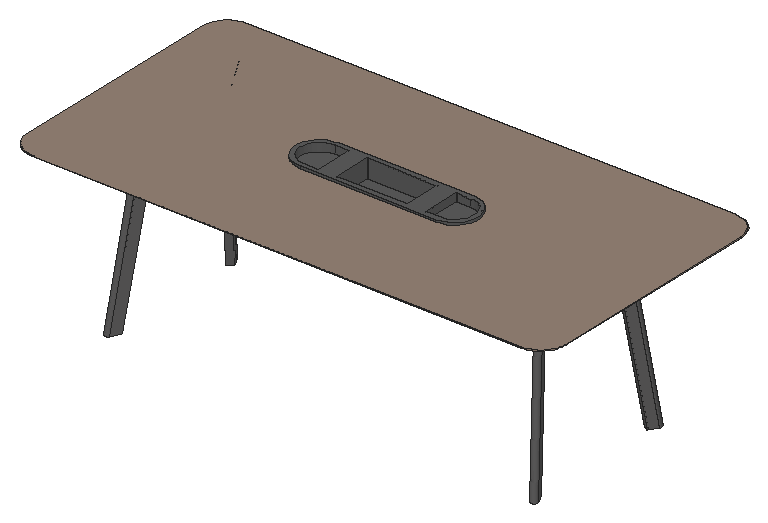
Revit family "Haworth_Immerse_SingleTable_RectangleOnePieceTop_120w", category Furniture Systems, Revit 2018
Family settings
  Round Connector Dimension = Use Diameter
  Part Type = Normal
  OmniClass Number = 23.40.70.14.64.21
  OmniClass Title = Systems Furniture
  Work Plane-Based = No
  Always vertical = Yes
  Cut with Voids When Loaded = No
  Shared = No
  Room Calculation Point = No
Parameters (values of type "60d 120w 39h - Oblong Planter")
  Warranty = "http://www.haworth.com/resources/product-info/warranties"
  Upper Top Thickness = 1 3/16"  # constant formula
  Understucture Thickness = 3 1/2"  # constant formula
  Understructure Overall Width = 81"  # constant formula
  Understructure Finish [instance] = Haworth _ Paint _ Black
  URL - Product = "http://www.haworth.com/products/tables/collaborative/immerse"
  Top Finish [instance] = Haworth _ Wood _ Walnut
  Standard Widths = "96, 120 in."  # constant formula
  Standard Heights = "29, 36, 39 in."  # constant formula
  Standard Depths = "48, 60 in."  # constant formula
  Size = "Verify Final Dim. w/ Haworth"  # constant formula
  Planter Finish [instance] = Haworth _ Paint _ Black
  Oblong Planter Void Height = if(Oblong Planter, 36", 1")  # 36"
  Oblong Planter = yes
  Model = "THRA-60C0"
  URL = "https://www.haworth.com/na/en.html"
  Revision Number = "1"  # constant formula
  Manufacturer = "Haworth"  # constant formula
  Lower Top Width = Actual Width - 2"  # 118"
  Lower Top Thickness = 1/8"  # constant formula
  Lower Top Cutout Width = Understructure Overall Width - 3"  # 78"
  Lower Top Cutout Depth = 12 1/2"  # constant formula
  Leg Finish [instance] = Haworth _ Wood _ Ink On Ash
  Description = "Haworth Immerse Single Table Rectangle One Piece Top - 60d 120w 39h - Oblong Planter"
  Author = "Haworth (Bentzen)"  # constant formula
  Assembly Code = "E2020200"
  Actual Width = 120"  # constant formula
  Actual Height = 39"
  Actual Depth = 60"  # constant formula
Types (3): name | Description | Actual Height
  60d 120w 39h - Oblong Planter | "Haworth Immerse Single Table Rectangle One Piece Top - 60d 120w 39h - Oblong Planter" | 39"
  60d 120w 36h - Oblong Planter | "Haworth Immerse Single Table Rectangle One Piece Top - 60d 120w 36h - Oblong Planter" | 36"
  60d 120w 29h - Oblong Planter | "Haworth Immerse Single Table Rectangle One Piece Top - 60d 120w 29h - Oblong Planter" | 29"
Reference planes (in)
  plane 1 "Floor": z = 0
  plane 2: z = 39
  plane 3: z = 38.89592
  plane 4: z = 38.07621
  plane 5: x = -78.26441
  plane 6: x = 41.73559
  plane 7: x = -18.26353
  plane 8: x = -76.26617
  plane 9: x = 39.73559
  plane 10: y = 63.42835
  plane 11: y = 92.63539
  plane 12: y = 32.63431
  plane 13: y = 90.63539
  plane 14: y = 34.63431
  plane 15: x = -61.604
  plane 16: x = 24.5505
  plane 17: x = -62.94976
  plane 18: x = 26.41918
  plane 19: x = -60.20493
  plane 20: x = 23.67788
  plane 21: y = 71.82796
  plane 22: y = 55.02875
  plane 23: y = 72.31635
  plane 24: y = 74.67835
  plane 25: y = 52.95334
  plane 26: y = 50.59134
  plane 27: y = 66.90425
  plane 28: y = 56.77843
  plane 29: through (-62.27517, 53.34084, 48) normal (0.866, -0.5, 0)
  plane 30: through (-62.27517, 53.34084, 48) normal (0.5, 0.866, 0)
  plane 31: through (-60.93283, 52.56584, 48) normal (0.866, -0.5, 0)
  plane 32: through (-66.35241, 44.72886, 48) normal (-0.866, 0.5, 0)
  plane 33: x = -61.604
  plane 34: y = 52.95334
  plane 35: through (25.22167, 71.92885, 48) normal (-0.866, 0.5, 0)
  plane 36: through (25.22167, 71.92885, 48) normal (-0.5, -0.866, 0)
  plane 37: through (23.87933, 72.70385, 48) normal (-0.866, 0.5, 0)
  plane 38: through (29.29891, 80.54084, 48) normal (0.866, -0.5, 0)
  plane 39: x = 24.5505
  plane 40: y = 72.31635
  plane 41: through (25.22167, 53.34084, 48) normal (0.866, 0.5, 0)
  plane 42: through (25.22167, 53.34084, 48) normal (0.5, -0.866, 0)
  plane 43: through (23.87933, 52.56584, 48) normal (0.866, 0.5, 0)
  plane 44: through (29.29891, 44.72886, 48) normal (-0.866, -0.5, 0)
  plane 45: x = 24.5505
  plane 46: y = 52.95334
  plane 47: through (27.11404, 46.94617, 48) normal (-0.5, 0.866, 0)
  plane 48: through (26.93853, 44.26029, 48) normal (-0.5, 0.866, 0)
  plane 49: z = 35.32621
  plane 50: through (-62.27517, 71.92885, 48) normal (-0.866, -0.5, 0)
  plane 51: through (-62.27517, 71.92885, 48) normal (-0.5, 0.866, 0)
  plane 52: through (-60.93283, 72.70385, 48) normal (-0.866, -0.5, 0)
  plane 53: through (-66.35241, 80.54084, 48) normal (0.866, 0.5, 0)
  plane 54: x = -61.604
  plane 55: y = 72.31635
  plane 56: through (27.11404, 78.32353, 48) normal (0.5, 0.866, 0)
  plane 57: through (26.93853, 81.0094, 48) normal (0.5, 0.866, 0)
  plane 58: through (-64.16754, 78.32353, 48) normal (0.5, -0.866, 0)
  plane 59: through (-63.99203, 81.0094, 48) normal (0.5, -0.866, 0)
  plane 60: through (-64.16754, 46.94617, 48) normal (-0.5, -0.866, 0)
  plane 61: through (-63.99203, 44.26029, 48) normal (-0.5, -0.866, 0)
Forms (in)
  Extrusion 1, solid, material "Haworth _ Paint _ Black" <- "Understructure Finish"
    sketch origin (-47.92254, 131.41995, 1.06449) x (0, 1, 0) y (0, 0, 1)
      loop
        line (-56.74159, 37.01172) -> (-59.10359, 37.01172) -> (-59.10359, 34.26172) -> (-56.74159, 34.26172) -> (-56.74159, 37.01172)
    from -13.68146 to 72.47304
  Extrusion 2, solid, material "Haworth _ Paint _ Black" <- "Understructure Finish"
    sketch origin (-47.92254, -93.73727, 1.06449) x (0, -1, 0) y (0, 0, -1)
      loop
        line (-144.32861, -37.01172) -> (-144.32861, -34.26172) -> (-146.69061, -34.26172) -> (-146.69061, -37.01172) -> (-144.32861, -37.01172)
    from -13.68146 to 72.47304
  Extrusion 3, void
    sketch origin (38.61594, 57.93122, 0) x (-1, 0, 0) y (0, -1, 0)
      loop
        arc (41.58596, -0.57463) -> (36.56422, -5.59637) -> (41.58596, -10.61811) r 5.02174
        line (41.58596, -10.61811) -> (72.08226, -10.61811)
        arc (72.08226, -10.61811) -> (77.104, -5.59637) -> (72.08226, -0.57463) r 5.02174
        line (72.08226, -0.57463) -> (41.58596, -0.57463)
    from 5.69672 to 41.69672
  Extrusion 4, solid, material "Haworth _ Paint _ Black" <- "Understructure Finish"
    sketch origin (-37.14123, -120.2412, 11.98828) x (0, -1, 0) y (0, 0, -1)
      loop
        line (-170.83254, -26.08793) -> (-170.83254, -23.33793) -> (-194.91955, -23.33793) -> (-194.91955, -26.08793) -> (-170.83254, -26.08793)
    from 61.69173 to 63.56041
  Extrusion 5, solid, material "Haworth _ Paint _ Black" <- "Understructure Finish"
    sketch origin (-124.28941, -120.2412, 7.77448) x (0, -1, 0) y (0, 0, -1)
      loop
        line (-170.83254, -30.30173) -> (-170.83254, -27.55173) -> (-194.91955, -27.55173) -> (-194.91955, -30.30173) -> (-170.83254, -30.30173)
    from 61.33965 to 62.68541
  Extrusion 6, solid, material "Haworth _ Wood _ Walnut" <- "Top Finish"
    sketch origin (0, 0, 0) x (1, 0, 0) y (0, 1, 0)
      loop
        arc (-72.7193, 92.63539) -> (-76.64028, 91.01126) -> (-78.26441, 87.09027) r 5.54512
        line (-78.26441, 87.09027) -> (-78.26441, 38.17942)
        arc (-78.26441, 38.17942) -> (-76.64028, 34.25844) -> (-72.7193, 32.63431) r 5.54512
        line (-72.7193, 32.63431) -> (36.18871, 32.63431)
        arc (36.18871, 32.63431) -> (40.11095, 34.25895) -> (41.73559, 38.18118) r 5.54688
        line (41.73559, 38.18118) -> (41.73559, 86.63539)
        arc (41.73559, 86.63539) -> (39.97823, 90.87803) -> (35.73559, 92.63539) r 6
        line (35.73559, 92.63539) -> (-72.7193, 92.63539)
    from 38.89592 to 39
  Blend 7, solid, material "Haworth _ Wood _ Walnut" <- "Top Finish"
    base sketch origin (0, 0, 0) x (1, 0, 0) y (0, 1, 0)
      loop
        arc (-72.26617, 90.63539) -> (-75.0946, 89.46381) -> (-76.26617, 86.63539) r 4
        line (-76.26617, 86.63539) -> (-76.26617, 38.63431)
        arc (-76.26617, 38.63431) -> (-75.0946, 35.80588) -> (-72.26617, 34.63431) r 4
        line (-72.26617, 34.63431) -> (35.73559, 34.63431)
        arc (35.73559, 34.63431) -> (38.56402, 35.80588) -> (39.73559, 38.63431) r 4
        line (39.73559, 38.63431) -> (39.73559, 86.63539)
        arc (39.73559, 86.63539) -> (38.56402, 89.46381) -> (35.73559, 90.63539) r 4
        line (35.73559, 90.63539) -> (-72.26617, 90.63539)
    top sketch origin (0, 0, 0) x (1, 0, 0) y (0, 1, 0)
      loop
        arc (-72.7193, 92.63539) -> (-76.64028, 91.01126) -> (-78.26441, 87.09027) r 5.54512
        line (-78.26441, 87.09027) -> (-78.26441, 38.17942)
        arc (-78.26441, 38.17942) -> (-76.64028, 34.25844) -> (-72.7193, 32.63431) r 5.54512
        line (-72.7193, 32.63431) -> (36.18871, 32.63431)
        arc (36.18871, 32.63431) -> (40.11095, 34.25895) -> (41.73559, 38.18118) r 5.54688
        line (41.73559, 38.18118) -> (41.73559, 87.08851)
        arc (41.73559, 87.08851) -> (40.11095, 91.01074) -> (36.18871, 92.63539) r 5.54688
        line (36.18871, 92.63539) -> (-72.7193, 92.63539)
    from 38.07621 to 38.89592
  Blend 8, solid, material "Haworth _ Wood _ Ink On Ash" <- "Leg Finish"
    base sketch origin (64.30477, 508.30857, -1.1049) x (-0.258819, -0.965926, 0) y (0.965926, -0.258819, 0)
      loop
        line (455.22063, 83.53279) -> (456.79376, 85.10591)
        arc (456.79376, 85.10591) -> (456.79376, 86.20192) -> (455.69774, 86.20192) r 0.775
        line (455.69774, 86.20192) -> (454.12462, 84.6288) -> (455.22063, 83.53279)
    top sketch origin (64.30477, 508.30857, -1.1049) x (-0.258819, -0.965926, 0) y (0.965926, -0.258819, 0)
      loop
        line (450.67644, 78.90703) -> (452.43019, 80.66078)
        arc (452.43019, 80.66078) -> (452.43019, 81.7568) -> (451.33418, 81.7568) r 0.775
        line (451.33418, 81.7568) -> (449.58042, 80.00304) -> (450.67644, 78.90703)
    from 1.1049 to 39.18111
  Blend 9, solid, material "Haworth _ Wood _ Ink On Ash" <- "Leg Finish"
    base sketch origin (64.30477, -383.03887, -1.1049) x (-0.258819, 0.965926, 0) y (-0.965926, -0.258819, 0)
      loop
        line (455.26152, -83.4919) -> (454.16551, -84.58792) -> (455.73863, -86.16104)
        arc (455.73863, -86.16104) -> (456.83464, -86.16104) -> (456.83464, -85.06502) r 0.775
        line (456.83464, -85.06502) -> (455.26152, -83.4919)
    top sketch origin (64.30477, -383.03887, -1.1049) x (-0.258819, 0.965926, 0) y (-0.965926, -0.258819, 0)
      loop
        line (450.67654, -78.90692) -> (449.58053, -80.00294) -> (451.33428, -81.75669)
        arc (451.33428, -81.75669) -> (452.4303, -81.75669) -> (452.4303, -80.66068) r 0.775
        line (452.4303, -80.66068) -> (450.67654, -78.90692)
    from 1.1049 to 39.18111
  Blend 10, solid, material "Haworth _ Wood _ Ink On Ash" <- "Leg Finish"
    base sketch origin (-101.35827, -383.03887, -1.1049) x (0.258819, 0.965926, 0) y (-0.965926, 0.258819, 0)
      loop
        line (455.26152, 83.4919) -> (456.83464, 85.06502)
        arc (456.83464, 85.06502) -> (456.83464, 86.16104) -> (455.73863, 86.16104) r 0.775
        line (455.73863, 86.16104) -> (454.16551, 84.58792) -> (455.26152, 83.4919)
    top sketch origin (-101.35827, -383.03887, -1.1049) x (0.258819, 0.965926, 0) y (-0.965926, 0.258819, 0)
      loop
        line (450.67654, 78.90692) -> (452.4303, 80.66068)
        arc (452.4303, 80.66068) -> (452.4303, 81.75669) -> (451.33428, 81.75669) r 0.775
        line (451.33428, 81.75669) -> (449.58053, 80.00294) -> (450.67654, 78.90692)
    from 1.1049 to 39.18111
  Blend 11, solid, material "Haworth _ Wood _ Ink On Ash" <- "Leg Finish"
    base sketch origin (-101.35827, 508.30857, -1.1049) x (0.258819, -0.965926, 0) y (0.965926, 0.258819, 0)
      loop
        line (455.26152, -83.4919) -> (454.16551, -84.58792) -> (455.73863, -86.16104)
        arc (455.73863, -86.16104) -> (456.83464, -86.16104) -> (456.83464, -85.06502) r 0.775
        line (456.83464, -85.06502) -> (455.26152, -83.4919)
    top sketch origin (-101.35827, 508.30857, -1.1049) x (0.258819, -0.965926, 0) y (0.965926, 0.258819, 0)
      loop
        line (450.67654, -78.90692) -> (449.58053, -80.00294) -> (451.33428, -81.75669)
        arc (451.33428, -81.75669) -> (452.4303, -81.75669) -> (452.4303, -80.66068) r 0.775
        line (452.4303, -80.66068) -> (450.67654, -78.90692)
    from 1.1049 to 39.18111
Cuts and joins
  Extrusion 3 cuts Extrusion 6
  Extrusion 3 cuts Blend 7
Lines and regions (in)
  Masking region 1
    outline origin (-204.57705, 125.58908, 0) x (1, 0, 0) y (0, 1, 0)
      loop
        arc (132.31088, -32.95369) -> (128.06948, -34.71054) -> (126.31264, -38.95193) r 5.99824
        line (126.31264, -38.95193) -> (126.31264, -86.95653)
        arc (126.31264, -86.95653) -> (128.06948, -91.19792) -> (132.31088, -92.95477) r 5.99824
        line (132.31088, -92.95477) -> (240.31264, -92.95477)
        arc (240.31264, -92.95477) -> (244.55528, -91.19741) -> (246.31264, -86.95477) r 6
        line (246.31264, -86.95477) -> (246.31264, -38.95369)
        arc (246.31264, -38.95369) -> (244.55528, -34.71105) -> (240.31264, -32.95369) r 6
        line (240.31264, -32.95369) -> (132.31088, -32.95369)
  symbolic lines, style "Haworth Hidden", detail levels fine
    curve 1: line (-61.81301, 74.67835, 0) -> (-66.55054, 82.884, 0)
    curve 2: arc (-66.55054, 82.884, 0) -> (-67.91683, 83.25464, 0) -> (-68.28465, 81.88758, 0) r 1
    curve 3: line (-68.28465, 81.88758, 0) -> (-62.94976, 72.64728, 0)
    curve 4: line (-62.94976, 72.64728, 0) -> (-62.94976, 52.62242, 0)
    curve 5: line (-68.28465, 43.38212, 0) -> (-62.94976, 52.62242, 0)
    curve 6: arc (-66.5526, 42.38212, 0) -> (-67.91862, 42.01609, 0) -> (-68.28465, 43.38212, 0) r 1
    curve 7: line (-61.80261, 50.60936, 0) -> (-66.5526, 42.38212, 0)
    curve 8: line (31.23115, 43.38212, 0) -> (26.41918, 51.71668, 0)
    curve 9: line (24.7595, 50.59134, 0) -> (29.4991, 42.38212, 0)
    curve 10: arc (29.4991, 42.38212, 0) -> (30.86513, 42.01609, 0) -> (31.23115, 43.38212, 0) r 1
    curve 11: line (31.23115, 81.88758, 0) -> (26.41918, 73.553, 0)
    curve 12: line (24.78103, 74.63723, 0) -> (29.49704, 82.884, 0)
    curve 13: arc (29.49704, 82.884, 0) -> (30.86334, 83.25464, 0) -> (31.23115, 81.88758, 0) r 1
    curve 14: line (-61.604, 50.59134, 0) -> (24.5505, 50.59134, 0)
    curve 15: line (-62.94976, 72.64728, 0) -> (-62.94976, 52.62242, 0)
    curve 16: line (24.5505, 74.67835, 0) -> (-61.604, 74.67835, 0)
    curve 17: line (26.41918, 51.71668, 0) -> (26.41918, 73.553, 0)
    curve 18: line (24.5505, 52.95334, 0) -> (-61.604, 52.95334, 0)
    curve 19: line (-61.604, 52.95334, 0) -> (-61.604, 72.31635, 0)
    curve 20: line (-61.604, 72.31635, 0) -> (24.5505, 72.31635, 0)
    curve 21: line (24.5505, 72.31635, 0) -> (24.5505, 52.95334, 0)
Dimensions and locks (in)
  "Actual Height": plane 2 to plane 1 "Floor"
  locked: plane 11 to plane 13 at 2
  locked: plane 14 to plane 12 at 2
  plane 2 to plane 3 to plane 4 to plane 49 = 0.10408" locked, 0.81971" locked, 2 3/4" locked
  locked: plane 13 to plane 24 at 15.95703
  locked: plane 14 to plane 26 at 15.95703
  locked: plane 26 to plane 24 at 24.08701
  plane 11 to plane 12 = 60.00108"
  "Actual Width": plane 5 to plane 6
  aligned and locked: plane 4 to Extrusion 1
  aligned and locked: plane 4 to Extrusion 2
  aligned and locked: plane 4 to Extrusion 4
  aligned and locked: plane 4 to Extrusion 5
  aligned and locked: plane 7 to nested 1
  aligned and locked: plane 11 to Extrusion 6
  aligned and locked: Extrusion 6 to plane 12
  aligned and locked: plane 5 to Extrusion 6
  aligned and locked: Extrusion 6 to plane 6
  aligned and locked: plane 2 to Extrusion 6
  aligned and locked: Extrusion 6 to plane 3
  aligned and locked: plane 3 to Blend 7
  aligned and locked: Blend 7 to plane 4
  aligned and locked: Extrusion 1 to Extrusion 5
  aligned and locked: Extrusion 1 to Extrusion 2
  aligned and locked: plane 16 to Extrusion 1
  aligned and locked: plane 16 to Extrusion 2
  aligned and locked: Extrusion 4 to Extrusion 2
  aligned and locked: plane 17 to Extrusion 5
  aligned and locked: Extrusion 5 to plane 15
  aligned and locked: plane 18 to Extrusion 4
  aligned and locked: Extrusion 5 to plane 24
  aligned and locked: Extrusion 4 to plane 24
  aligned and locked: Extrusion 1 to plane 24
  aligned and locked: plane 26 to Extrusion 5
  aligned and locked: plane 26 to Extrusion 4
  aligned and locked: Extrusion 2 to plane 25
  aligned and locked: plane 26 to Extrusion 2
  aligned and locked: plane 10 to nested 1
  aligned and locked: nested 2 to plane 32
  aligned and locked: plane 30 to nested 2
  aligned and locked: plane 15 to plane 33
  aligned and locked: plane 34 to plane 25
  aligned and locked: nested 2 to plane 4
  aligned and locked: nested 1 to plane 2
  aligned and locked: nested 3 to plane 38
  aligned and locked: plane 36 to nested 3
  aligned and locked: plane 23 to plane 40
  aligned and locked: plane 16 to plane 39
  aligned and locked: nested 4 to plane 44
  aligned and locked: nested 4 to plane 42
  aligned and locked: plane 16 to plane 45
  aligned and locked: plane 46 to plane 25
  aligned and locked: plane 4 to nested 4
  aligned and locked: nested 3 to plane 4
  aligned and locked: Blend 8 to plane 42
  aligned and locked: Blend 8 sketch curve to plane 47
  aligned and locked: Blend 8 sketch curve to plane 42
  aligned and locked: Blend 7 sketch curve to plane 13
  aligned and locked: plane 8 to Blend 7 sketch curve
  aligned and locked: Blend 7 sketch curve to plane 14
  aligned and locked: Blend 7 sketch curve to plane 9
  aligned and locked: Masking region 1 to plane 6
  aligned and locked: Masking region 1 to plane 12
  aligned and locked: plane 5 to Masking region 1
  aligned and locked: plane 11 to Masking region 1
  aligned and locked: plane 4 to Blend 8
  aligned and locked: Extrusion 2 to plane 49
  aligned and locked: Extrusion 5 to plane 49
  aligned and locked: Extrusion 1 to plane 49
  aligned and locked: Extrusion 4 to plane 49
  aligned and locked: nested 5 to plane 53
  aligned and locked: nested 5 to plane 51
  aligned and locked: plane 15 to plane 54
  aligned and locked: plane 23 to plane 55
  aligned and locked: plane 56 to Blend 9 sketch curve
  aligned and locked: plane 37 to Blend 9 sketch curve
  aligned and locked: plane 35 to Blend 9 sketch curve  (x2)
  aligned and locked: plane 36 to Blend 9 sketch curve
  aligned and locked: Blend 9 sketch curve to plane 37
  aligned and locked: Blend 10 sketch curve to plane 58
  aligned and locked: Blend 10 sketch curve to plane 50  (x2)
  aligned and locked: Blend 10 sketch curve to plane 52  (x2)
  aligned and locked: Blend 10 sketch curve to plane 51
  aligned and locked: plane 60 to Blend 11 sketch curve
  aligned and locked: plane 29 to Blend 11 sketch curve  (x2)
  aligned and locked: plane 31 to Blend 11 sketch curve
  aligned and locked: plane 30 to Blend 11 sketch curve
  aligned and locked: Blend 11 sketch curve to plane 31
  aligned and locked: plane 4 to nested 5
  aligned and locked: plane 4 to Blend 11
  aligned and locked: plane 4 to Blend 10
  aligned and locked: plane 4 to Blend 9
  aligned and locked: Blend 7 sketch curve to plane 11
  aligned and locked: plane 12 to Blend 7 sketch curve
  aligned and locked: plane 6 to Blend 7 sketch curve
  aligned and locked: Blend 7 sketch curve to plane 5
Automatic sketch dimensions
  plane 4 to Extrusion 1 sketch curve = 0"
  Extrusion 1 sketch curve to plane 23 = 0"
  Extrusion 1 sketch curve to plane 24 = 0"
  Extrusion 1 sketch curve to plane 49 = 0"
  Extrusion 2 sketch curve to plane 4 = 0"
  Extrusion 2 sketch curve to plane 25 = 0"
  Extrusion 2 sketch curve to plane 26 = 0"
  Extrusion 2 sketch curve to plane 49 = 0"
  Extrusion 3 sketch curve to plane 28 = 1.72741"
  plane 7 to Extrusion 3 sketch curve = 15.29351"
  Extrusion 3 sketch curve to plane 7 = 15.2028"
  plane 10 to Extrusion 3 sketch curve = 0.09923"
  plane 4 to Extrusion 4 sketch curve = 0"
  Extrusion 4 sketch curve to plane 24 = 0"
  Extrusion 4 sketch curve to plane 26 = 0"
  Extrusion 4 sketch curve to plane 49 = 0"
  plane 4 to Extrusion 5 sketch curve = 0"
  Extrusion 5 sketch curve to plane 24 = 0"
  Extrusion 5 sketch curve to plane 26 = 0"
  Extrusion 5 sketch curve to plane 49 = 0"
  Extrusion 6 sketch curve to plane 5 = 0"
  Extrusion 6 sketch curve to plane 12 = 0"
  Extrusion 6 sketch curve to plane 11 = 0"
  Extrusion 6 sketch curve to plane 6 = 0"
  plane 8 to Extrusion 6 sketch curve = 3 35/64"  (x2)
  plane 9 to Extrusion 6 sketch curve = 4"
  plane 9 to Extrusion 6 sketch curve = 3 35/64"
  Blend 7 sketch curve to Blend 7 sketch curve = 4"  (x2)
  plane 8 to Blend 7 sketch curve = 4"
  plane 9 to Blend 7 sketch curve = 4"
  plane 8 to Blend 7 sketch curve = 3 35/64"  (x2)
  plane 9 to Blend 7 sketch curve = 3 35/64"  (x2)
  Blend 8 sketch curve to plane 41 = 0.05782"
  Blend 8 sketch curve to Blend 8 sketch curve = 1.09601"
  Blend 8 sketch curve to Blend 8 sketch curve = 1.57312"
  Blend 8 sketch curve to Blend 8 sketch curve = 0.54801"  (x4)
  Blend 8 sketch curve to plane 41 = 0.00015"
  Blend 8 sketch curve to Blend 8 sketch curve = 1.09602"
  Blend 8 sketch curve to Blend 8 sketch curve = 1.75375"
  Masking region 1 sketch curve to plane 5 = 0"
  Masking region 1 sketch curve to plane 12 = 0"
  Masking region 1 sketch curve to plane 11 = 0"
  Masking region 1 sketch curve to plane 6 = 0"
  plane 8 to Masking region 1 sketch curve = 4"  (x2)
  plane 9 to Masking region 1 sketch curve = 4"  (x2)
  Blend 9 sketch curve to Blend 9 sketch curve = 1.57312"
  Blend 9 sketch curve to Blend 9 sketch curve = 0.54801"  (x4)
  Blend 9 sketch curve to Blend 9 sketch curve = 1.75375"
  Blend 10 sketch curve to Blend 10 sketch curve = 1.57312"
  Blend 10 sketch curve to Blend 10 sketch curve = 0.54801"  (x4)
  Blend 10 sketch curve to Blend 10 sketch curve = 1.75375"
  Blend 11 sketch curve to Blend 11 sketch curve = 1.57312"
  Blend 11 sketch curve to Blend 11 sketch curve = 0.54801"  (x4)
  Blend 11 sketch curve to Blend 11 sketch curve = 1.75375"
  curve 5 to plane 17 = 0"
  plane 24 to curve 1 = 0"
  curve 20 to plane 15 = 0"
  curve 14 to plane 15 = 0"
  curve 16 to plane 15 = 0"
  curve 16 to plane 16 = 0"
  curve 21 to plane 16 = 0"
  curve 14 to plane 16 = 0"
  plane 26 to curve 9 = 0"
  curve 11 to plane 18 = 0"
  plane 26 to curve 14 = 0"
  plane 25 to curve 18 = 0"
  plane 23 to curve 20 = 0"
  plane 24 to curve 16 = 0"
  plane 17 to curve 1 = 3.60077"
  plane 17 to curve 7 = 3.60284"
  curve 2 to curve 1 = 0.86808"
  curve 6 to curve 7 = 0.86602"
  curve 3 to curve 2 = 0.86603"
  curve 5 to curve 6 = 0.86602"
  plane 18 to curve 12 = 3.07786"
  plane 18 to curve 9 = 3.07992"
  curve 13 to curve 13 = 0.86808"
  curve 9 to curve 10 = 0.86602"
  curve 10 to curve 8 = 0.86602"
  curve 13 to curve 11 = 0.86603"
  plane 26 to curve 8 = 7.20923"
  plane 26 to curve 5 = 7.20923"
  curve 6 to curve 6 = 1/2"
  curve 10 to curve 10 = 1/2"
  curve 17 to plane 26 = 1.12534"
  plane 25 to curve 15 = 0.33093"
  curve 3 to plane 23 = 0.33093"
  plane 24 to curve 11 = 1.12536"
  curve 3 to plane 24 = 7.20923"
  curve 11 to plane 24 = 7.20923"
  curve 2 to curve 2 = 1/2"
  curve 13 to curve 13 = 1/2"
  curve 1 to curve 16 = 0.20901"
  curve 7 to plane 26 = 0.01802"
  plane 15 to curve 7 = 0.19861"
  curve 14 to curve 9 = 0.209"
  plane 24 to curve 12 = 0.04112"
  plane 16 to curve 12 = 0.23053"
Nested families (in)
  nested 1: "Haworth_Immerse_Planter_Oblong" at (22.23647, 74.58701, 9.50002), Planter Finish <- "Planter Finish", visible <- "Oblong Planter", type "EHPO"
    with Planter Finish Haworth _ Paint _ Black
  nested 2: "Haworth_Immerse_Support_Part" at (-105.87002, 57.28234, 9.8398) x (-0.866, 0.5, 0) z (0, 0, 1), Understructure Finish <- "Understructure Finish", type "Support"
    with Understructure Finish Haworth _ Paint _ Black
  nested 3: "Haworth_Immerse_Support_Part" at (68.81652, 67.98736, 9.8398) x (0.866, -0.5, 0) z (0, 0, 1), Understructure Finish <- "Understructure Finish", type "Support"
    with Understructure Finish Haworth _ Paint _ Black
  nested 4: "Haworth_Immerse_Support_Part" at (68.81652, 57.28234, 9.8398) x (0.866, 0.5, 0) z (0, 0, 1), Understructure Finish <- "Understructure Finish", type "Support"
    with Understructure Finish Haworth _ Paint _ Black
  nested 5: "Haworth_Immerse_Support_Part" at (-105.87002, 67.98736, 9.8398) x (-0.866, -0.5, 0) z (0, 0, 1), Understructure Finish <- "Understructure Finish", type "Support"
    with Understructure Finish Haworth _ Paint _ Black
Definition of nested family "Haworth_Immerse_Planter_Oblong"
  Parameters
    Warranty = "http://www.haworth.com/product-info/warranties"
    URL - Product = "http://www.haworth.com/products/tables/collaborative/immerse"
    Planter Finish [instance] = none
    Model = "EHPO"
    URL = "http://www.haworth.com/"
    Revision Number = "1"  # constant formula
    Manufacturer = "Haworth"  # constant formula
    Description = "Haworth Immerse Planter Oblong"
    Author = "Haworth (Hampton)"  # constant formula
    Assembly Code = "E2020200"
  Reference planes (in)
    plane 1 "Floor": z = 0
    plane 2 "Center L/R": x = -40.5
    plane 3 "Center": y = -11.15866
    plane 4 "Surface Top": z = 29.49998
    plane 5 "Side Bottom": z = 27.99998
    plane 6: x = -60.875
    plane 7: x = -20.125
    plane 8: y = -5.88828
    plane 9: y = -16.42904
    plane 10 "Center Bottom": z = 25.548
    plane 11 "Planter Top": z = 30.24998
  Forms (in)
    Extrusion 1, solid, material <- "Planter Finish"
      sketch origin (0, 0, 35.87445) x (0, -1, 0) y (1, 0, 0)
        loop
          line (5.88828, -25.4095) -> (5.88828, -55.5905)
          arc (5.88828, -55.5905) -> (11.15866, -60.86088) -> (16.42904, -55.5905) r 5.27038
          line (16.42904, -55.5905) -> (16.42904, -25.4095)
          arc (16.42904, -25.4095) -> (11.15866, -20.13912) -> (5.88828, -25.4095) r 5.27038
      from -6.37446 to -5.93901
    Extrusion 2, solid, material <- "Planter Finish"
      sketch origin (0, 0, 35.87445) x (0, -1, 0) y (1, 0, 0)
        loop
          arc (15.3122, -29.08454) -> (15.75414, -28.90148) -> (15.9372, -28.45954) r 0.625
          line (15.9372, -28.45954) -> (15.9372, -25.41)
          arc (15.9372, -25.41) -> (11.15866, -20.63146) -> (6.38012, -25.41) r 4.77854
          line (6.38012, -25.41) -> (6.38012, -28.45954)
          arc (6.38012, -28.45954) -> (6.56318, -28.90148) -> (7.00512, -29.08454) r 0.625
          line (7.00512, -29.08454) -> (15.3122, -29.08454)
        loop
          line (15.3122, -51.91546) -> (7.00512, -51.91546)
          arc (7.00512, -51.91546) -> (6.56318, -52.09852) -> (6.38012, -52.54046) r 0.625
          line (6.38012, -52.54046) -> (6.38012, -55.59)
          arc (6.38012, -55.59) -> (11.15866, -60.36854) -> (15.9372, -55.59) r 4.77854
          line (15.9372, -55.59) -> (15.9372, -52.54046)
          arc (15.9372, -52.54046) -> (15.75414, -52.09852) -> (15.3122, -51.91546) r 0.625
      from -7.87446 to -6.37446
    Extrusion 3, solid, material <- "Planter Finish"
      sketch origin (0, 0, 35.87445) x (0, -1, 0) y (1, 0, 0)
        loop
          line (15.9372, -48.21154) -> (15.9372, -32.78846)
          arc (15.9372, -32.78846) -> (15.75414, -32.34652) -> (15.3122, -32.16346) r 0.625
          line (15.3122, -32.16346) -> (7.00512, -32.16346)
          arc (7.00512, -32.16346) -> (6.56318, -32.34652) -> (6.38012, -32.78846) r 0.625
          line (6.38012, -32.78846) -> (6.38012, -48.21154)
          arc (6.38012, -48.21154) -> (6.56318, -48.65348) -> (7.00512, -48.83654) r 0.625
          line (7.00512, -48.83654) -> (15.3122, -48.83654)
          arc (15.3122, -48.83654) -> (15.75414, -48.65348) -> (15.9372, -48.21154) r 0.625
      from -10.32645 to -6.37446
    Extrusion 4, void
      sketch origin (0, 0, 35.87445) x (0, -1, 0) y (1, 0, 0)
        loop
          arc (7.00512, -52.41546) -> (6.91673, -52.45207) -> (6.88012, -52.54046) r 0.125
          line (6.88012, -52.54046) -> (6.88012, -55.59)
          arc (6.88012, -55.59) -> (11.15866, -59.86854) -> (15.4372, -55.59) r 4.27854
          line (15.4372, -55.59) -> (15.4372, -52.54046)
          arc (15.4372, -52.54046) -> (15.40059, -52.45207) -> (15.3122, -52.41546) r 0.125
          line (15.3122, -52.41546) -> (7.00512, -52.41546)
        loop
          line (7.00512, -28.58454) -> (15.3122, -28.58454)
          arc (15.3122, -28.58454) -> (15.40059, -28.54793) -> (15.4372, -28.45954) r 0.125
          line (15.4372, -28.45954) -> (15.4372, -25.41)
          arc (15.4372, -25.41) -> (11.15866, -21.13146) -> (6.88012, -25.41) r 4.27854
          line (6.88012, -25.41) -> (6.88012, -28.45954)
          arc (6.88012, -28.45954) -> (6.91673, -28.54793) -> (7.00512, -28.58454) r 0.125
      from -7.67122 to -5.62446
    Extrusion 5, void
      sketch origin (0, 0, 35.87445) x (0, -1, 0) y (1, 0, 0)
        loop
          arc (15.4372, -32.78846) -> (15.40059, -32.70007) -> (15.3122, -32.66346) r 0.125
          line (15.3122, -32.66346) -> (7.00512, -32.66346)
          arc (7.00512, -32.66346) -> (6.91673, -32.70007) -> (6.88012, -32.78846) r 0.125
          line (6.88012, -32.78846) -> (6.88012, -48.21154)
          arc (6.88012, -48.21154) -> (6.91673, -48.29993) -> (7.00512, -48.33654) r 0.125
          line (7.00512, -48.33654) -> (15.3122, -48.33654)
          arc (15.3122, -48.33654) -> (15.40059, -48.29993) -> (15.4372, -48.21154) r 0.125
          line (15.4372, -48.21154) -> (15.4372, -32.78846)
      from -10.07019 to -5.62446
  Cuts and joins
    Extrusion 4, Extrusion 5 cuts Extrusion 1
    Extrusion 4 cuts Extrusion 2
    Extrusion 5 cuts Extrusion 3
    joined: Extrusion 1, Extrusion 2, Extrusion 3
  Lines and regions (in)
    Masking region 1
      outline origin (0, 0, 35.87445) x (0, -1, 0) y (1, 0, 0)
        loop
          arc (5.88828, -55.5905) -> (11.15866, -60.86088) -> (16.42904, -55.5905) r 5.27038
          line (16.42904, -55.5905) -> (16.42904, -25.4095)
          arc (16.42904, -25.4095) -> (11.15866, -20.13912) -> (5.88828, -25.4095) r 5.27038
          line (5.88828, -25.4095) -> (5.88828, -55.5905)
  Dimensions and locks (in)
    aligned and locked: plane 4 "Surface Top" to Extrusion 1
    aligned and locked: Extrusion 2 to plane 5 "Side Bottom"
    aligned and locked: Extrusion 2 to plane 4 "Surface Top"
    aligned and locked: plane 10 "Center Bottom" to Extrusion 3
    aligned and locked: Extrusion 3 to plane 4 "Surface Top"
    aligned and locked: Extrusion 4 to plane 11 "Planter Top"
Definition of nested family "Haworth_Immerse_Support_Part"
  Parameters
    Warranty = "http://www.haworth.com/product-info/warranties"
    Understructure Finish [instance] = none
    URL - Product = "http://www.haworth.com/products/tables/collaborative/immerse"
    Model = ""
    URL = "http://www.haworth.com/"
    Revision Number = "1"  # constant formula
    Manufacturer = "Haworth"  # constant formula
    Description = "Haworth_Immerse_Support_Part"
    Author = "Haworth (Hampton)"  # constant formula
    Assembly Code = "E2020200"
    Actual Width = 138"  # constant formula
    Actual Height = 36 1/4"  # constant formula
    Actual Depth = 60"  # constant formula
  Reference planes (in)
    plane 1 "Floor": z = 0
    plane 2 "Center L/R": x = -40.5
    plane 3 "Table Edge Front": y = -11.15866
    plane 4 "Rect Top": z = 29.49998
    plane 5 "Rect Mid": z = 29.12443
    plane 6 "Rect Bottom": z = 28.31193
    plane 7: x = -40.5
    plane 8: x = -41.5
    plane 9: x = -41.25
    plane 10: x = -39.5
    plane 11: x = -39.75
  Forms (in)
    Extrusion 1, solid, material <- "Understructure Finish"
      sketch origin (0, 0, 35.87445) x (0, -1, 0) y (1, 0, 0)
        loop
          line (-18.38399, -41.5) -> (-6.75474, -41.5)
          arc (-6.75474, -41.5) -> (-5.75474, -40.5) -> (-6.75474, -39.5) r 1
          line (-6.75474, -39.5) -> (-18.38399, -39.5) -> (-18.38399, -41.5)
      from -10.10998 to -7.63804
    Extrusion 2, void
      sketch origin (-37.39844, 0, 0) x (0, 0, 1) y (0, -1, 0)
        loop
          line (25.60768, -18.68942) -> (27.79043, -5.30688) -> (25.54043, -5.30688) -> (25.54043, -18.68942) -> (25.60768, -18.68942)
      from -6.31779 to 0.64844
    Extrusion 3, void
      sketch origin (0, 0, 35.87445) x (0, -1, 0) y (1, 0, 0)
        loop
          line (-18.13399, -39.75) -> (-18.13399, -41.25) -> (-6.75474, -41.25)
          arc (-6.75474, -41.25) -> (-6.00474, -40.5) -> (-6.75474, -39.75) r 0.75
          line (-6.75474, -39.75) -> (-18.13399, -39.75)
      from -11.52859 to -7.87446
  Cuts and joins
    Extrusion 2, Extrusion 3 cuts Extrusion 1
  Dimensions and locks (in)
    Extrusion 3 to plane 2 "Center L/R" = 3/4"
